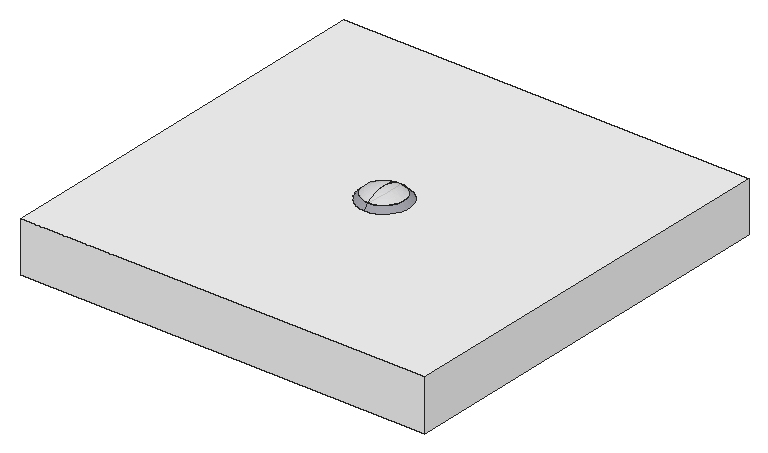
Revit family "Sarlam_Lighting_Bulkhead_Chartres_Infini_T1_Diam_300mm_2000Lm", category Luminaires, Revit 2020
Family settings
  Hôte = Face
  Cote de connecteur circulaire = Utiliser le diamètre
  Type d'élément = Normal
  Couper avec des vides une fois chargée = Non
  Source d'éclairage = Oui
  Partagée = Non
  Point de calcul de pièce = Non
Parameters (values of type "With microwave sensor GREY METAL")
  Zone plafond formes 1à7 [instance] = and(not(Outer diameter = 328 mm), or([Standard Formes 1-3-6]), not([Detection area - Wall]), [Detection area - Ceiling])  # no
  Zone murale formes 1à7 [instance] = and(not(Outer diameter = 328 mm), or([Standard Formes 1-3-6]), [Detection area - Wall], not([Detection area - Ceiling]))  # no
  With movement sensor = yes
  With light sensor = yes
  Width = 300 mm
  Voltage type = "AC"
  Type of dimming = "Other"
  Type of control gear = "LED operating device current-controlled"
  System power W = 28
  Suitable for wall mounting = yes
  Suitable for suspended mounting = no
  Suitable for surface mounting = yes
  Suitable for ceiling mounting = yes
  Suitable for built-in mounting = no
  Radiation angle = "Open beam"
  Protection Class = "II"
  Outer diameter = 300 mm
  Nominal voltage (Un) V MIN = 207
  Nominal voltage (Un) V MAX = 253
  Nominal current mA MIN = 110
  Nominal current mA MAX = 135
  Material housing = Plastique
  Light sharing = "Symmetric"
  Length = 300 mm
  Lamp type = "LED not exchangeable"
  Lamp power at multiwatt = "21/39W"
  Lamp power W = ""
  Lamp holder = "None"
  Impact strength (IK) = "IK10"
  Height/depth = 70 mm
  General Conditions of Use = "https://export.legrand.com/en/terms-of-use-BIM-objects"
  Effective luminous flux lm = 2000
  Detection area = "Detection at 2,5m high Ceiling: Ø6m max Wall: Ellipse 16*17m"
  URL = "http://www.legrandoc.com/SL532060"
  built-in parameter 1150107 = 3200 (stored number, unit not read)
  Standard Formes 1-3-6 = yes
  Wattage = 9.2903 W
  built-in parameter 1150110 = 1 (stored number, unit not read)
  built-in parameter 1150109 = 1 (stored number, unit not read)
  built-in parameter 1114218 = 1 (stored number, unit not read)
  built-in parameter 1150113 = 1 (stored number, unit not read)
  built-in parameter 1150112 = 1 (stored number, unit not read)
  built-in parameter 1150137 = (empty or 0)
  built-in parameter 1150132 = (empty or 0)
  Modèle = "SL-532060"
  built-in parameter 1150105 = 419.79 (stored number, unit not read)
  built-in parameter 1150102 = (empty or 0)
  Dimming Lamp Color Temperature Shift = (empty or 0)
  Lumens = 1380 lm
  Color Filter = 16777215
  Fichier de distribution photométrique = "SL532018.ies"
  built-in parameter 1114217 = 1 (stored number, unit not read)
  built-in parameter 1150139 = (empty or 0)
  Fabricant = "LEGRAND"
  Emettre à partir du diamètre du cercle = 200 mm
  Emit Shape Visible in Rendering = no
  built-in parameter 1150104 = 13.8 (stored number, unit not read)
  built-in parameter 1150106 = 4.1979 (stored number, unit not read)
  built-in parameter 1150115 = 1 (stored number, unit not read)
  built-in parameter 1150114 = 1 (stored number, unit not read)
  Description = "CHARTRES INFINI 2000LM 4000K  STANDARD HF DETECTION SLIVER"
  Degree of protection (IP) = "IP55"
  built-in parameter 1150138 = (empty or 0)
  built-in parameter 1150134 = 3
  Colour temperature K MIN = 4000
  Colour temperature K MAX = 4000
  Colour rendering index CRI = "80-89"
  Colour housing = LEGRAND - Grey
  Built-in width = 300 mm
  Built-in length = 0 mm
  Built-in height/depth = 0 mm
  Built-in diameter = 0 mm
  Tilt Angle = 0.00°
  Detection area - Ceiling [instance] = no
  Detection area - Wall [instance] = no
  Elévation par défaut = 2500 mm
  Tag [instance] = no
  built-in parameter 1150133 = 10 (stored number, unit not read)
Types (12, lengths in mm): name | With movement sensor | With light sensor | Type of dimming | System power W | Nominal current mA MIN | Nominal current mA MAX | Detection area | URL | Modèle | Description | Colour housing
  ON/OFF WHITE | no | no | "Not dimmable" | 27 | 106 | 131 | "" | "http://www.legrandoc.com/SL532018" | "SL-532018" | "CHARTRES INFINI 2000LM 4000K STANDARD ON/OFF WHITE" | LEGRAND - White
  ON/OFF ANTHRACITE | no | no | "Not dimmable" | 27 | 106 | 131 | "" | "http://www.legrandoc.com/SL532019" | "SL-532019" | "CHARTRES INFINI 2000LM 4000K STANDARD ON/OFF BLACK" | LEGRAND - Anthracite
  ON/OFF GREY METAL | no | no | "Not dimmable" | 27 | 106 | 131 | "" | "http://www.legrandoc.com/SL532020" | "SL-532020" | "CHARTRES INFINI 2000LM 4000K STANDARD ON/OFF SILVER" | LEGRAND - Grey
  With microwave sensor WHITE | yes | yes | "Other" | 28 | 110 | 135 | "Detection at 2,5m high Ceiling: Ø6m max Wall: Ellipse 16*17m" | "http://www.legrandoc.com/SL532058" | "SL-532058" | "CHARTRES INFINI 2000LM 4000K  STANDARD HF DETECTION WHITE" | LEGRAND - White
  With microwave sensor ANTHRACITE | yes | yes | "Other" | 28 | 110 | 135 | "Detection at 2,5m high Ceiling: Ø6m max Wall: Ellipse 16*17m" | "http://www.legrandoc.com/SL532059" | "SL-532059" | "CHARTRES INFINI 2000LM 4000K  STANDARD HF DETECTION BLACK" | LEGRAND - Anthracite
  With microwave sensor GREY METAL | yes | yes | "Other" | 28 | 110 | 135 | "Detection at 2,5m high Ceiling: Ø6m max Wall: Ellipse 16*17m" | "http://www.legrandoc.com/SL532060" | "SL-532060" | "CHARTRES INFINI 2000LM 4000K  STANDARD HF DETECTION SLIVER" | LEGRAND - Grey
  With microwave sensor + clock WHITE | yes | yes | "Other" | 28 | 110 | 135 | "Detection at 2,5m high Ceiling: Ø6m max Wall: Ellipse 16*17m" | "http://www.legrandoc.com/SL532076" | "SL-532076" | "CHARTRES INFINI 2000LM 4000K  STD HF DETECTION + CLOCK WHITE" | LEGRAND - White
  With microwave sensor + clock ANTHRACITE | yes | yes | "Other" | 28 | 110 | 135 | "Detection at 2,5m high Ceiling: Ø6m max Wall: Ellipse 16*17m" | "http://www.legrandoc.com/SL532077" | "SL-532077" | "CHARTRES INFINI 2000LM 4000K  STD HF DETECTION + CLOCK BLACK" | LEGRAND - Anthracite
  With microwave sensor + clock GREY METAL | yes | yes | "Other" | 28 | 110 | 135 | "Detection at 2,5m high Ceiling: Ø6m max Wall: Ellipse 16*17m" | "http://www.legrandoc.com/SL532078" | "SL-532078" | "CHARTRES INFINI 2000LM 4000K STD HF DETECTION + CLOCK SILVER" | LEGRAND - Grey
  Double level/Timer WHITE | no | no | "Other" | 28 | 110 | 135 | "" | "http://www.legrandoc.com/SL532093" | "SL-532093" | "CHARTRES INFINI 2000LM 4000K STANDARD BI-LEVEL/TIMER WHITE" | LEGRAND - White
  Double level/Timer ANTHRACITE | no | no | "Other" | 28 | 110 | 135 | "" | "http://www.legrandoc.com/SL532094" | "SL-532094" | "CHARTRES INFINI 2000LM 4000K  STANDARD BI-LEVEL/TIMER BLACK" | LEGRAND - Anthracite
  Double level/Timer GREY METAL | no | no | "Other" | 28 | 110 | 135 | "" | "http://www.legrandoc.com/SL532095" | "SL-532095" | "CHARTRES INFINI 2000LM 4000K  STANDARD BI-LEVEL/TIMER SILVER" | LEGRAND - Grey
Reference planes
  plane 1 "Centre (avant/arrière)": y = 0
  plane 2: z = 0
  plane 3 "Centre (gauche/droite)": x = 0
  plane 4: z = 90
Forms (mm)
  Extrusion 1, solid, material "Blanc"
    sketch origin (0, 0, 0) x (1, 0, 0) y (0, 1, 0)
      loop
        line (-1219.2, 1219.2) -> (-1219.2, -1219.2) -> (1219.2, -1219.2) -> (1219.2, 1219.2) -> (-1219.2, 1219.2)
    from 0 to -304.8
Lines and regions (mm)
  model lines, style "LightingFixtures", not visible
    curve 1: line (0, 0, 0) -> (0, 0, 2230)
    curve 2: line (0, 0, 0) -> (0, 3300, 0)
    curve 3: line (0, 0, 0) -> (-2620, 0, 0)
Dimensions and locks
  level to plane 4 = 90 mm
  aligned and locked: plane 2 to Extrusion 1
  aligned and locked: level to Extrusion 1
  aligned and locked: imposter light to plane 4
  aligned and locked: plane 3 "Centre (gauche/droite)" to imposter light
Nested families
  nested 1: "Zone de détection murale Chartres-Astreo" at (0, 0, 0) x (0, 0, 1) z (0, -1, 0), visible <- "Detection area - Wall", type "Zone de détection murale"
  nested 2: "Formes 1-2-3-4-6-7-8-9" at (0, 0, 0), type "Formes"
    with Standard Formes 1-3-6 yes, Fl 70 mm, Dimension hublot 121.1 mm, Diamètre total 300 mm, Courbure 195.7 mm
  nested 3: "Zone de détection plafond Chartres-Astreo" at (0, 0, 2500), visible <- "Detection area - Ceiling", type "Zone de détection plafond"
    with Zone plafond Formes 8à9 no
  nested 4: "Zone de détection murale Chartres-Astreo" at (0, 0, 0) x (0, 0, 1) z (1, 0, 0), visible <- "Detection area - Wall", type "Zone de détection murale"
  nested 5: "Etiquette de zone" at (-13.45, 203.791, 0) x (-1, 0, 0) z (0, 0, 1), visible <- "Tag", type "Etiquette de zone"
Connectors
  electrical at (0, 0, 0)
    settings: on nested 2, index 1, voltage 230 V, apparent load 0 VA, apparent load phase1 0 VA, apparent load phase2 0 VA, apparent load phase3 0 VA, power factor 1, load classification "Eclairage", number of poles 1, system type 30, power factor state 1, is connector primary yes, connector utility no, sub classification motor no, connector description ""
Definition of nested family "Formes 1-2-3-4-6-7-8-9"
  Parameters (values of type "Formes")
    Standard Forme 8 = no
    Standard Formes 1-3-6 = no
    Matériau hublot = none
    Matériau corps = none
    Fl = if(Diamètre total < 325 mm, 70 mm, if(Diamètre total = 328 mm, 107 mm, 90 mm))  # 107 mm
    Default Elevation = 0 mm
    Dimension hublot = if(Diamètre total = 300 mm, 121.1 mm, if(Diamètre total = 322 mm, 129.3 mm, if(Diamètre total = 328 mm, 148.6 mm, if(Diamètre total = 420 mm, 179.2 mm, 185.3 mm))))  # 148.6 mm
    Diamètre total = 328 mm
    Courbure = if(Diamètre total = 300 mm, 195.7 mm, if(Diamètre total = 322 mm, 220.2 mm, if(Diamètre total = 328 mm, 179.2 mm, if(Diamètre total = 420 mm, 290 mm, 307.8 mm))))  # 179.2 mm
    Couleur corps = none
    Antivandale Forme 9 = no
    Antivandale Formes 2-4-7 = no
  Reference planes
    plane 1 "Centre (avant/arrière)": y = 0
    plane 2: z = 0
    plane 3 "Centre (gauche/droite)": x = 0
    plane 4: y = 164
    plane 5: y = -164
    plane 6: y = 148.6
  Forms (mm)
    Revolve 1, solid, material <- "Matériau hublot"
      sketch origin (0, 0, 0) x (0, 0, -1) y (0, 1, 0)
        loop
          arc (-28, 148.6) -> (-86.03, 84.151) -> (-107, 0) r 179.2
          line (-107, 0) -> (-28, 0) -> (-28, 148.6)
        axis (-28, 0) -> (-107, 0)
      angle from 0 to 360
  Dimensions and locks
    equal spacing: plane 4, plane 1 "Centre (avant/arrière)", plane 5
    "Diamètre total": plane 4 to plane 5
    equal spacing: plane 5, plane 1 "Centre (avant/arrière)", plane 4
    "Dimension hublot": plane 1 "Centre (avant/arrière)" to plane 6
    "Fl": Revolve 1 sketch curve to plane 2
    "Courbure": radius of Revolve 1 sketch curve
    aligned and locked: level to plane 2
    aligned and locked: plane 6 to Revolve 1 sketch curve
    aligned and locked: plane 2 to nested 2
  Automatic sketch dimensions
    Revolve 1 sketch curve to plane 1 "Centre (avant/arrière)" = 0 mm  (x2)
    level to Revolve 1 sketch curve = 28 mm
    Revolve 1 sketch curve to Revolve 1 sketch curve = 1811.469 mm
    Revolve 1 sketch curve to Revolve 1 sketch curve = 1147.22 mm
  Nested families
    nested 1: "Corps standard Formes 1-3-6" at (0, 0, 0), visible <- "Standard Formes 1-3-6", type "Corps standard Formes 1-3-6"
      with Diamètre 328 mm
    nested 2: "Corps antivandale Formes 2-4-7" at (0, 0, 0), visible <- "Antivandale Formes 2-4-7", type "Corps antivandale Formes 2-4-7"
      with Diamètre 328 mm
    nested 3: "Corps standard Forme 8" at (0, 0, 0), visible <- "Standard Forme 8", type "Corps standard Forme 8"
    nested 4: "Corps antivandale Forme 9" at (0, 0, 0), visible <- "Antivandale Forme 9", type "Corps antivandale Forme 9"
  Definition of nested family "Corps standard Formes 1-3-6"
    Parameters (values of type "Corps standard")
      Matériau corps = none
      Default Elevation = 0 mm
      Couleur corps = none
      Diamètre = 322 mm
      Courbure = if(Diamètre < 400 mm, 195.7 mm, 290 mm)  # 195.7 mm
    Reference planes
      plane 1 "Centre (avant/arrière)": y = 0
      plane 2: z = 0
      plane 3 "Centre (gauche/droite)": x = 0
      plane 4: y = 161
      plane 5: y = -161
      plane 6: z = 28
    Forms (mm)
      Revolve 1, solid, material <- "Couleur corps"
        sketch origin (0, 0, 0) x (0, 0, -1) y (0, 1, 0)
          loop
            line (0, 0) -> (0, 161)
            arc (0, 161) -> (-14.55, 149.906) -> (-28, 137.502) r 195.7
            line (-28, 137.502) -> (-28, 0) -> (0, 0)
          axis (0, 0) -> (-28, 0)
        angle from 0 to 360
    Dimensions and locks
      equal spacing: plane 4, plane 1 "Centre (avant/arrière)", plane 5
      "Diamètre": plane 4 to plane 5
      equal spacing: plane 5, plane 1 "Centre (avant/arrière)", plane 4
      "Courbure": radius of Revolve 1 sketch curve
      aligned and locked: level to plane 2
      aligned and locked: plane 2 to Revolve 1  (x2)
      aligned and locked: Revolve 1 to plane 2
      aligned and locked: plane 6 to Revolve 1
    Automatic sketch dimensions
      Revolve 1 sketch curve to plane 1 "Centre (avant/arrière)" = 0 mm  (x3)
      Revolve 1 sketch curve to plane 6 = 0 mm
      Revolve 1 sketch curve to level = 0 mm
      Revolve 1 sketch curve to plane 4 = 0 mm
      plane 6 to Revolve 1 sketch curve = 1833.51 mm
      Revolve 1 sketch curve to Revolve 1 sketch curve = 1167.217 mm
  Definition of nested family "Corps antivandale Formes 2-4-7"
    Parameters (values of type "Corps antivandale")
      Rayon réseau vis = if(Diamètre < 400 mm, 137.2 mm, 193.2 mm)  # 137.2 mm
      Matériau corps = none
      Default Elevation = 0 mm
      Diamètre = 322 mm
      Courbure = if(Diamètre < 400 mm, 220.2 mm, 307.8 mm)  # 220.2 mm
      Couleur corps = none
    Reference planes
      plane 1 "Centre (avant/arrière)": y = 0
      plane 2: z = 0
      plane 3 "Centre (gauche/droite)": x = 0
      plane 4: y = 161
      plane 5: y = -161
      plane 6: z = 28
      plane 7: through (0, 0, 1200) normal (0.5, 0.866, 0)
      plane 8: through (0, 0, 1200) normal (0.5, -0.866, 0)
    Forms (mm)
      Revolve 1, solid, material <- "Couleur corps"
        sketch origin (0, 0, 0) x (0, 0, -1) y (0, 1, 0)
          loop
            line (0, 0) -> (0, 161)
            arc (0, 161) -> (-14.762, 145.835) -> (-28, 129.323) r 220.2
            line (-28, 129.323) -> (-28, 0) -> (0, 0)
          axis (0, 0) -> (-28, 0)
        angle from 0 to 360
      Extrusion 2, solid, material <- "Couleur corps"
        sketch origin (0, -0.04, 0) x (1, 0, 0) y (0, 1, 0)
          loop
            line (-4, 129.32) -> (-4, 137.3)
            arc (-4, 137.3) -> (0, 141.3) -> (4, 137.3) r 4
            line (4, 137.3) -> (4, 129.32)
            arc (4, 129.32) -> (5, 129.285) -> (6, 129.243) r 129.323
            line (6, 129.243) -> (6, 137.3)
            arc (6, 137.3) -> (0, 143.3) -> (-6, 137.3) r 6
            line (-6, 137.3) -> (-6, 129.243)
            arc (-6, 129.243) -> (-5, 129.285) -> (-4, 129.32) r 129.323
        from 15.189 to 28
      Extrusion 3, solid, material <- "Couleur corps"
        sketch origin (-0.035, 0.02, 0) x (-0.5, -0.866025, 0) y (0.866025, -0.5, 0)
          loop
            line (-4, 129.32) -> (-4, 137.3)
            arc (-4, 137.3) -> (0, 141.3) -> (4, 137.3) r 4
            line (4, 137.3) -> (4, 129.32)
            arc (4, 129.32) -> (5, 129.285) -> (6, 129.243) r 129.323
            line (6, 129.243) -> (6, 137.3)
            arc (6, 137.3) -> (0, 143.3) -> (-6, 137.3) r 6
            line (-6, 137.3) -> (-6, 129.243)
            arc (-6, 129.243) -> (-5, 129.285) -> (-4, 129.32) r 129.323
        from 15.189 to 28
      Extrusion 4, solid, material <- "Couleur corps"
        sketch origin (0.035, 0.02, 0) x (-0.5, 0.866025, 0) y (-0.866025, -0.5, 0)
          loop
            line (-4, 129.32) -> (-4, 137.3)
            arc (-4, 137.3) -> (0, 141.3) -> (4, 137.3) r 4
            line (4, 137.3) -> (4, 129.32)
            arc (4, 129.32) -> (5, 129.285) -> (6, 129.243) r 129.323
            line (6, 129.243) -> (6, 137.3)
            arc (6, 137.3) -> (0, 143.3) -> (-6, 137.3) r 6
            line (-6, 137.3) -> (-6, 129.243)
            arc (-6, 129.243) -> (-5, 129.285) -> (-4, 129.32) r 129.323
        from 15.189 to 28
      Revolve 5, solid
        sketch origin (0, 0.018, -12.656) x (0, 1, 0) y (0, 0, 1)
          loop
            line (136.525, 38.942) -> (136.525, 29.094) -> (136.962, 29.907) -> (137.751, 35.518) -> (140.148, 38.942) -> (136.525, 38.942)
          axis (136.525, 29.094) -> (136.525, 38.942)
        angle from 0 to 360
      Revolve 6, solid
        sketch origin (0.016, -0.009, -12.656) x (0.866025, -0.5, 0) y (0, 0, 1)
          loop
            line (136.525, 38.942) -> (136.525, 29.094) -> (136.962, 29.907) -> (137.751, 35.518) -> (140.148, 38.942) -> (136.525, 38.942)
          axis (136.525, 29.094) -> (136.525, 38.942)
        angle from 0 to 360
      Revolve 7, solid
        sketch origin (-0.016, -0.009, -12.656) x (-0.866025, -0.5, 0) y (0, 0, 1)
          loop
            line (136.525, 38.942) -> (136.525, 29.094) -> (136.962, 29.907) -> (137.751, 35.518) -> (140.148, 38.942) -> (136.525, 38.942)
          axis (136.525, 29.094) -> (136.525, 38.942)
        angle from 0 to 360
    Cuts and joins
      joined: Revolve 1, Extrusion 2
    Lines and regions (mm)
      model lines
        curve 1: line (-2.5, 136.543, 26.285) -> (2.5, 136.543, 26.285)
        curve 2: line (0, 138.995, 26.285) -> (0, 133.995, 26.285)
        curve 3: line (119.5, -66.107, 26.285) -> (117, -70.437, 26.285)
        curve 4: line (120.373, -69.497, 26.285) -> (116.043, -66.997, 26.285)
        curve 5: line (-117, -70.437, 26.285) -> (-119.5, -66.107, 26.285)
        curve 6: line (-120.373, -69.497, 26.285) -> (-116.043, -66.997, 26.285)
    Dimensions and locks
      equal spacing: plane 4, plane 1 "Centre (avant/arrière)", plane 5
      "Diamètre": plane 4 to plane 5
      equal spacing: plane 5, plane 1 "Centre (avant/arrière)", plane 4
      "Courbure": radius of Revolve 1 sketch curve
      "Rayon réseau vis": radius of radial array
      aligned and locked: level to plane 2
      aligned and locked: plane 2 to Revolve 1  (x2)
      aligned and locked: Revolve 1 to plane 2
      aligned and locked: plane 6 to Revolve 1
    Automatic sketch dimensions
      Extrusion 2 sketch curve to Extrusion 2 sketch curve = 0 mm  (x9)
      Extrusion 2 sketch curve to Extrusion 2 sketch curve = 7.98 mm
      Extrusion 2 sketch curve to Extrusion 2 sketch curve = 0.077 mm
      Extrusion 2 sketch curve to Extrusion 2 sketch curve = 2 mm
      Extrusion 2 sketch curve to Extrusion 2 sketch curve = 4 mm
      Extrusion 2 sketch curve to Extrusion 2 sketch curve = 6 mm
      Extrusion 3 sketch curve to Extrusion 3 sketch curve = 0 mm  (x9)
      Extrusion 3 sketch curve to Extrusion 3 sketch curve = 7.98 mm
      Extrusion 3 sketch curve to Extrusion 3 sketch curve = 0.077 mm
      Extrusion 3 sketch curve to Extrusion 3 sketch curve = 2 mm
      Extrusion 3 sketch curve to Extrusion 3 sketch curve = 4 mm
      Extrusion 3 sketch curve to Extrusion 3 sketch curve = 6 mm
      Extrusion 4 sketch curve to Extrusion 4 sketch curve = 0 mm  (x9)
      Extrusion 4 sketch curve to Extrusion 4 sketch curve = 7.98 mm
      Extrusion 4 sketch curve to Extrusion 4 sketch curve = 0.077 mm
      Extrusion 4 sketch curve to Extrusion 4 sketch curve = 2 mm
      Extrusion 4 sketch curve to Extrusion 4 sketch curve = 4 mm
      Extrusion 4 sketch curve to Extrusion 4 sketch curve = 6 mm
      Revolve 7 sketch curve to Revolve 7 sketch curve = 0.437 mm  (x2)
      Revolve 7 sketch curve to Revolve 7 sketch curve = 1.226 mm  (x2)
      Revolve 7 sketch curve to Revolve 7 sketch curve = 2.397 mm
      Revolve 7 sketch curve to Revolve 7 sketch curve = 0.813 mm  (x2)
      Revolve 7 sketch curve to Revolve 7 sketch curve = 5.611 mm  (x2)
      Revolve 7 sketch curve to Revolve 7 sketch curve = 3.424 mm  (x2)
      Revolve 7 sketch curve to Revolve 7 sketch curve = 0 mm  (x2)
      Revolve 7 sketch curve to Revolve 7 sketch curve = 0.975 mm
      Revolve 7 sketch curve to Revolve 7 sketch curve = 3.281 mm  (x2)
      Revolve 5 sketch curve to Revolve 5 sketch curve = 0.437 mm  (x2)
      Revolve 5 sketch curve to Revolve 5 sketch curve = 1.226 mm  (x2)
      Revolve 5 sketch curve to Revolve 5 sketch curve = 3.623 mm
      Revolve 5 sketch curve to Revolve 5 sketch curve = 5.611 mm  (x2)
      Revolve 5 sketch curve to Revolve 5 sketch curve = 3.424 mm  (x2)
      Revolve 5 sketch curve to Revolve 5 sketch curve = 0 mm  (x2)
      Revolve 5 sketch curve to Revolve 5 sketch curve = 0.813 mm  (x2)
      Revolve 5 sketch curve to Revolve 5 sketch curve = 0.162 mm
      Revolve 5 sketch curve to Revolve 5 sketch curve = 3.281 mm  (x2)
      Revolve 6 sketch curve to Revolve 6 sketch curve = 0.437 mm  (x2)
      Revolve 6 sketch curve to Revolve 6 sketch curve = 1.226 mm  (x2)
      Revolve 6 sketch curve to Revolve 6 sketch curve = 3.623 mm
      Revolve 6 sketch curve to Revolve 6 sketch curve = 5.611 mm  (x2)
      Revolve 6 sketch curve to Revolve 6 sketch curve = 3.424 mm  (x2)
      Revolve 6 sketch curve to Revolve 6 sketch curve = 0 mm  (x2)
      Revolve 6 sketch curve to Revolve 6 sketch curve = 0.813 mm  (x2)
      Revolve 6 sketch curve to Revolve 6 sketch curve = 0.162 mm
      Revolve 6 sketch curve to Revolve 6 sketch curve = 3.281 mm  (x2)
      Revolve 7 sketch curve to Revolve 7 sketch curve = 3.623 mm
      Revolve 7 sketch curve to Revolve 7 sketch curve = 0.162 mm
      curve 2 to Revolve 5 = 0 mm
      curve 2 to curve 1 = 2.548 mm
      curve 1 to curve 2 = 2.452 mm
      Revolve 5 to curve 1 = 2.5 mm
      curve 1 to Revolve 5 = 2.5 mm
      curve 4 to Revolve 6 = 0 mm
      curve 4 to curve 3 = 2.548 mm
      curve 3 to curve 4 = 2.452 mm
      Revolve 6 to curve 3 = 2.5 mm
      curve 3 to Revolve 6 = 2.5 mm
      curve 6 to Revolve 7 = 0 mm
      curve 6 to curve 5 = 2.548 mm
      curve 5 to curve 6 = 2.452 mm
      Revolve 7 to curve 5 = 2.5 mm
      curve 5 to Revolve 7 = 2.5 mm
      Revolve 5 sketch curve to Revolve 5 sketch curve = 2.397 mm
      Revolve 5 sketch curve to Revolve 5 sketch curve = 0.975 mm
      Revolve 6 sketch curve to Revolve 6 sketch curve = 2.397 mm
      Revolve 6 sketch curve to Revolve 6 sketch curve = 0.975 mm
      Revolve 1 sketch curve to plane 1 "Centre (avant/arrière)" = 0 mm  (x3)
      Revolve 1 sketch curve to plane 6 = 0 mm
      Revolve 1 sketch curve to level = 0 mm
      Revolve 1 sketch curve to plane 4 = 0 mm
      plane 6 to Revolve 1 sketch curve = 1833.51 mm
      Revolve 1 sketch curve to Revolve 1 sketch curve = 1128.321 mm
  Definition of nested family "Corps standard Forme 8"
    Parameters (values of type "Corps standard Forme 8")
      Matériau corps = none
      Default Elevation = 0 mm
      Couleur corps = none
      Diamètre = 328 mm
    Reference planes
      plane 1 "Centre (avant/arrière)": y = 0
      plane 2: z = 0
      plane 3 "Centre (gauche/droite)": x = 0
      plane 4: y = 164
      plane 5: y = -164
      plane 6: z = 28
      plane 7: y = 7.5
      plane 8: y = -7.5
    Forms (mm)
      Revolve 1, solid, material <- "Couleur corps"
        sketch origin (0, 0, 0) x (0, 0, -1) y (0, 1, 0)
          loop
            line (0, 0) -> (0, 164)
            arc (0, 164) -> (-14.345, 156.905) -> (-28, 148.559) r 179.182
            line (-28, 148.559) -> (-28, 0) -> (0, 0)
          axis (0, 0) -> (-28, 0)
        angle from 0 to 360
      Sweep 2, void
        path origin (0, 0, 0) x (1, 0, 0) y (0, 1, 0)
          loop
            arc (153.049, 7.5) -> (0, 153.232) -> (-153.049, 7.5) r 153.232
        profile origin (0, 153.232, 0) x (0, -1, 0) y (0, 0, 1)
          loop
            line (-5.469, 6.213) -> (-10.469, 16.465) -> (-10.469, 6.213) -> (-5.469, 6.213)
      Sweep 3, void
        path origin (0, 0, 0) x (1, 0, 0) y (0, 1, 0)
          loop
            arc (153.049, 7.5) -> (0, 153.232) -> (-153.049, 7.5) r 153.232
        profile origin (0, 153.232, 0) x (0, -1, 0) y (0, 0, 1)
          loop
            line (-1.643, 13.471) -> (-6.643, 23.723) -> (-6.643, 13.471) -> (-1.643, 13.471)
      Sweep 4, void
        path origin (0, 0, 0) x (1, 0, 0) y (0, -1, 0)
          loop
            arc (153.049, 7.5) -> (0, 153.232) -> (-153.049, 7.5) r 153.232
        profile origin (0, -153.232, 0) x (0, -1, 0) y (0, 0, 1)
          loop
            line (1.643, 13.471) -> (6.643, 13.471) -> (6.643, 23.723) -> (1.643, 13.471)
      Sweep 5, void
        path origin (0, 0, 0) x (1, 0, 0) y (0, -1, 0)
          loop
            arc (153.049, 7.5) -> (0, 153.232) -> (-153.049, 7.5) r 153.232
        profile origin (0, -153.232, 0) x (0, -1, 0) y (0, 0, 1)
          loop
            line (5.469, 6.213) -> (10.469, 6.213) -> (10.469, 16.465) -> (5.469, 6.213)
    Cuts and joins
      Sweep 2, Sweep 3, Sweep 4, Sweep 5 cuts Revolve 1
    Dimensions and locks
      equal spacing: plane 4, plane 1 "Centre (avant/arrière)", plane 5
      "Diamètre": plane 4 to plane 5
      equal spacing: plane 5, plane 1 "Centre (avant/arrière)", plane 4
      aligned and locked: level to plane 2
      aligned and locked: plane 2 to Revolve 1  (x2)
      aligned and locked: Revolve 1 to plane 2
      aligned and locked: plane 6 to Revolve 1
    Automatic sketch dimensions
      Sweep 2 sketch curve to plane 7 = 0 mm  (x2)
      plane 1 "Centre (avant/arrière)" to Sweep 2 sketch curve = 0 mm
      Sweep 2 sketch curve to plane 3 "Centre (gauche/droite)" = 0 mm
      Sweep 2 sketch curve to plane 3 "Centre (gauche/droite)" = 153.049 mm
      Sweep 3 sketch curve to plane 7 = 0 mm  (x2)
      plane 1 "Centre (avant/arrière)" to Sweep 3 sketch curve = 0 mm
      Sweep 3 sketch curve to plane 3 "Centre (gauche/droite)" = 0 mm
      Sweep 3 sketch curve to plane 3 "Centre (gauche/droite)" = 153.049 mm
      Sweep 4 sketch curve to plane 8 = 0 mm  (x2)
      plane 1 "Centre (avant/arrière)" to Sweep 4 sketch curve = 0 mm
      Sweep 4 sketch curve to plane 3 "Centre (gauche/droite)" = 0 mm
      plane 3 "Centre (gauche/droite)" to Sweep 4 sketch curve = 153.049 mm
      Sweep 5 sketch curve to plane 8 = 0 mm  (x2)
      plane 1 "Centre (avant/arrière)" to Sweep 5 sketch curve = 0 mm
      Sweep 5 sketch curve to plane 3 "Centre (gauche/droite)" = 0 mm
      plane 3 "Centre (gauche/droite)" to Sweep 5 sketch curve = 153.049 mm
      Revolve 1 sketch curve to plane 1 "Centre (avant/arrière)" = 0 mm  (x3)
      Revolve 1 sketch curve to plane 6 = 0 mm
      Revolve 1 sketch curve to level = 0 mm
      Revolve 1 sketch curve to plane 4 = 0 mm
      Revolve 1 sketch curve to Revolve 1 sketch curve = 72.182 mm
      plane 6 to Revolve 1 sketch curve = 1833.51 mm
      Revolve 1 sketch curve to Revolve 1 sketch curve = 1201.817 mm
      profile plane to Sweep 2 sketch curve = 10.469 mm
      Sweep 2 sketch curve to Sweep 2 sketch curve = 5 mm
      level to Sweep 2 sketch curve = 6.213 mm
      Sweep 2 sketch curve to Sweep 2 sketch curve = 10.252 mm
      profile plane to Sweep 3 sketch curve = 6.643 mm
      profile plane to Sweep 3 sketch curve = 1.643 mm
      level to Sweep 3 sketch curve = 13.471 mm
      Sweep 3 sketch curve to Sweep 3 sketch curve = 10.252 mm
      Sweep 4 sketch curve to profile plane = 1.643 mm
      Sweep 4 sketch curve to profile plane = 6.643 mm
      level to Sweep 4 sketch curve = 13.471 mm
      Sweep 4 sketch curve to Sweep 4 sketch curve = 10.252 mm
      Sweep 5 sketch curve to profile plane = 5.469 mm
      Sweep 5 sketch curve to profile plane = 10.469 mm
      level to Sweep 5 sketch curve = 6.213 mm
      Sweep 5 sketch curve to Sweep 5 sketch curve = 10.252 mm
  Definition of nested family "Corps antivandale Forme 9"
    Parameters (values of type "Corps antivandale Forme 9")
      Matériau corps = none
      Default Elevation = 0 mm
      Couleur corps = none
      Diamètre = 328 mm
    Reference planes
      plane 1 "Centre (avant/arrière)": y = 0
      plane 2: z = 0
      plane 3 "Centre (gauche/droite)": x = 0
      plane 4: y = 164
      plane 5: y = -164
      plane 6: z = 28
      plane 7: y = 7.5
      plane 8: y = -7.5
    Forms (mm)
      Revolve 1, solid, material <- "Couleur corps"
        sketch origin (0, 0, 0) x (0, 0, -1) y (0, 1, 0)
          loop
            line (0, 0) -> (0, 164)
            arc (0, 164) -> (-14.345, 156.905) -> (-28, 148.559) r 179.182
            line (-28, 148.559) -> (-28, 0) -> (0, 0)
          axis (0, 0) -> (-28, 0)
        angle from 0 to 360
      Extrusion 2, void
        sketch origin (-1.406, 0, 0) x (1, 0, 0) y (0, 1, 0)
          loop
            circle (157.486, 0) r 5
        from 5.665 to 28
      Sweep 3, void
        path origin (0, 0, 0) x (1, 0, 0) y (0, 1, 0)
          loop
            arc (153.049, 7.5) -> (0, 153.232) -> (-153.049, 7.5) r 153.232
        profile origin (0, 153.232, 0) x (0, -1, 0) y (0, 0, 1)
          loop
            line (-5.469, 6.213) -> (-10.469, 16.465) -> (-10.469, 6.213) -> (-5.469, 6.213)
      Extrusion 4, void
        sketch origin (1.406, 0, 0) x (-1, 0, 0) y (0, -1, 0)
          loop
            circle (157.486, 0) r 5
        from 5.665 to 28
      Sweep 5, void
        path origin (0, 0, 0) x (1, 0, 0) y (0, 1, 0)
          loop
            arc (153.049, 7.5) -> (0, 153.232) -> (-153.049, 7.5) r 153.232
        profile origin (0, 153.232, 0) x (0, -1, 0) y (0, 0, 1)
          loop
            line (-1.643, 13.471) -> (-6.643, 23.723) -> (-6.643, 13.471) -> (-1.643, 13.471)
      Sweep 6, void
        path origin (0, 0, 0) x (1, 0, 0) y (0, -1, 0)
          loop
            arc (153.049, 7.5) -> (0, 153.232) -> (-153.049, 7.5) r 153.232
        profile origin (0, -153.232, 0) x (0, -1, 0) y (0, 0, 1)
          loop
            line (1.643, 13.471) -> (6.643, 13.471) -> (6.643, 23.723) -> (1.643, 13.471)
      Sweep 7, void
        path origin (0, 0, 0) x (1, 0, 0) y (0, -1, 0)
          loop
            arc (153.049, 7.5) -> (0, 153.232) -> (-153.049, 7.5) r 153.232
        profile origin (0, -153.232, 0) x (0, -1, 0) y (0, 0, 1)
          loop
            line (5.469, 6.213) -> (10.469, 6.213) -> (10.469, 16.465) -> (5.469, 6.213)
      Revolve 8, solid
        sketch origin (-156.149, -136.533, -30.469) x (0, 1, 0) y (0, 0, 1)
          loop
            line (136.525, 38.942) -> (136.525, 31.651) -> (137.319, 32.445) -> (137.923, 36.741) -> (139.106, 38.942) -> (136.525, 38.942)
          axis (136.525, 31.651) -> (136.525, 38.942)
        angle from 0 to 360
      Revolve 9, solid
        sketch origin (156.149, -136.533, -30.469) x (0, 1, 0) y (0, 0, -1)
          loop
            line (136.525, -38.942) -> (139.106, -38.942) -> (137.923, -36.741) -> (137.319, -32.445) -> (136.525, -31.651) -> (136.525, -38.942)
          axis (136.525, -31.651) -> (136.525, -38.942)
        angle from 0 to 360
    Cuts and joins
      Extrusion 2, Sweep 3, Extrusion 4, Sweep 5, Sweep 6, Sweep 7 cuts Revolve 1
    Lines and regions (mm)
      model lines
        curve 1: line (-156.149, 1.39, 8.473) -> (-156.149, -1.406, 8.473)
        curve 2: line (-157.503, 0, 8.473) -> (-154.615, 0, 8.473)
        curve 3: line (156.149, 1.39, 8.473) -> (156.149, -1.406, 8.473)
        curve 4: line (157.503, 0, 8.473) -> (154.615, 0, 8.473)
    Dimensions and locks
      equal spacing: plane 4, plane 1 "Centre (avant/arrière)", plane 5
      "Diamètre": plane 4 to plane 5
      equal spacing: plane 5, plane 1 "Centre (avant/arrière)", plane 4
      aligned and locked: level to plane 2
      aligned and locked: plane 2 to Revolve 1  (x2)
      aligned and locked: Revolve 1 to plane 2
      aligned and locked: plane 6 to Revolve 1
    Automatic sketch dimensions
      plane 1 "Centre (avant/arrière)" to Extrusion 2 sketch curve = 0 mm
      plane 3 "Centre (gauche/droite)" to Extrusion 2 sketch curve = 156.08 mm
      Sweep 3 sketch curve to plane 7 = 0 mm  (x2)
      plane 1 "Centre (avant/arrière)" to Sweep 3 sketch curve = 0 mm
      Sweep 3 sketch curve to plane 3 "Centre (gauche/droite)" = 0 mm
      Sweep 3 sketch curve to plane 3 "Centre (gauche/droite)" = 153.049 mm
      plane 1 "Centre (avant/arrière)" to Extrusion 4 sketch curve = 0 mm
      plane 3 "Centre (gauche/droite)" to Extrusion 4 sketch curve = 156.08 mm
      Sweep 5 sketch curve to plane 7 = 0 mm  (x2)
      plane 1 "Centre (avant/arrière)" to Sweep 5 sketch curve = 0 mm
      Sweep 5 sketch curve to plane 3 "Centre (gauche/droite)" = 0 mm
      Sweep 5 sketch curve to plane 3 "Centre (gauche/droite)" = 153.049 mm
      Sweep 6 sketch curve to plane 8 = 0 mm  (x2)
      plane 1 "Centre (avant/arrière)" to Sweep 6 sketch curve = 0 mm
      Sweep 6 sketch curve to plane 3 "Centre (gauche/droite)" = 0 mm
      plane 3 "Centre (gauche/droite)" to Sweep 6 sketch curve = 153.049 mm
      Sweep 7 sketch curve to plane 8 = 0 mm  (x2)
      plane 1 "Centre (avant/arrière)" to Sweep 7 sketch curve = 0 mm
      Sweep 7 sketch curve to plane 3 "Centre (gauche/droite)" = 0 mm
      plane 3 "Centre (gauche/droite)" to Sweep 7 sketch curve = 153.049 mm
      Revolve 1 sketch curve to plane 1 "Centre (avant/arrière)" = 0 mm  (x3)
      Revolve 1 sketch curve to plane 6 = 0 mm
      Revolve 1 sketch curve to level = 0 mm
      Revolve 1 sketch curve to plane 4 = 0 mm
      Revolve 1 sketch curve to Revolve 1 sketch curve = 72.182 mm
      plane 6 to Revolve 1 sketch curve = 1833.51 mm
      Revolve 1 sketch curve to Revolve 1 sketch curve = 1201.817 mm
      profile plane to Sweep 3 sketch curve = 10.469 mm
      Sweep 3 sketch curve to Sweep 3 sketch curve = 5 mm
      level to Sweep 3 sketch curve = 6.213 mm
      Sweep 3 sketch curve to Sweep 3 sketch curve = 10.252 mm
      profile plane to Sweep 5 sketch curve = 6.643 mm
      profile plane to Sweep 5 sketch curve = 1.643 mm
      level to Sweep 5 sketch curve = 13.471 mm
      Sweep 5 sketch curve to Sweep 5 sketch curve = 10.252 mm
      Sweep 6 sketch curve to profile plane = 1.643 mm
      Sweep 6 sketch curve to profile plane = 6.643 mm
      level to Sweep 6 sketch curve = 13.471 mm
      Sweep 6 sketch curve to Sweep 6 sketch curve = 10.252 mm
      Sweep 7 sketch curve to profile plane = 5.469 mm
      Sweep 7 sketch curve to profile plane = 10.469 mm
      level to Sweep 7 sketch curve = 6.213 mm
      Sweep 7 sketch curve to Sweep 7 sketch curve = 10.252 mm
      plane 1 "Centre (avant/arrière)" to Revolve 8 sketch curve = 0.008 mm  (x2)
      Revolve 8 sketch curve to plane 1 "Centre (avant/arrière)" = 0.786 mm
      Revolve 8 sketch curve to plane 1 "Centre (avant/arrière)" = 1.39 mm
      Revolve 8 sketch curve to Revolve 8 sketch curve = 1.183 mm
      level to Revolve 8 sketch curve = 1.183 mm
      Revolve 8 sketch curve to Revolve 8 sketch curve = 0.794 mm
      Revolve 8 sketch curve to Revolve 8 sketch curve = 4.296 mm
      Revolve 8 sketch curve to Revolve 8 sketch curve = 2.201 mm
      Revolve 8 sketch curve to level = 0.4 mm
      Revolve 8 sketch curve to Revolve 8 sketch curve = 3.281 mm
      plane 1 "Centre (avant/arrière)" to Revolve 9 sketch curve = 0.008 mm  (x2)
      Revolve 9 sketch curve to plane 1 "Centre (avant/arrière)" = 0.786 mm
      Revolve 9 sketch curve to plane 1 "Centre (avant/arrière)" = 1.39 mm
      Revolve 9 sketch curve to Revolve 9 sketch curve = 1.183 mm
      level to Revolve 9 sketch curve = 8.473 mm
      Revolve 9 sketch curve to Revolve 9 sketch curve = 2.201 mm
      level to Revolve 9 sketch curve = 1.977 mm
      Revolve 9 sketch curve to Revolve 9 sketch curve = 0.794 mm
      Revolve 9 sketch curve to Revolve 9 sketch curve = 3.281 mm
      Revolve 9 sketch curve to level = 0.4 mm
      curve 1 to Revolve 8 = 0 mm
      curve 1 to curve 3 = 0 mm
      curve 1 to curve 2 = 1.406 mm
      curve 3 to curve 4 = 1.406 mm
      curve 4 to curve 3 = 1.39 mm
      curve 2 to curve 1 = 1.39 mm
      Revolve 8 to curve 2 = 1.534 mm
      curve 4 to curve 2 = 309.23 mm
      curve 3 to curve 4 = 1.534 mm
      curve 4 to curve 3 = 1.354 mm
      curve 2 to Revolve 8 = 1.354 mm
      radius of Extrusion 2 sketch curve = 5 mm
      radius of Extrusion 4 sketch curve = 5 mm
Definition of nested family "Zone de détection murale Chartres-Astreo"
  Parameters (values of type "Zone de détection murale")
    Zone murale Formes 8à9 = no
    Zone murale Formes 1à7 = no
  Reference planes
    plane 1 "Centre (avant/arrière)": y = 0
    plane 2: z = 0
    plane 3 "Centre (gauche/droite)": x = 0
    plane 4: x = 3500
    plane 5: y = 1000
    plane 6: x = 10000
    plane 7: y = 3500
    plane 8: x = 13000
    plane 9: y = 4000
    plane 10: x = 17000
    plane 11: y = 8000
    plane 12: x = 6000
    plane 13: x = 8000
  Lines and regions (mm)
    detail lines, in view "Niveau de réf.", visible <- "Zone murale Formes 1à7"
      curve 1: spline (0, 0, 0) -> (59.63, 258.819, 0) -> (234.456, 500, 0) -> (512.563, 707.107, 0) -> (875, 866.025, 0) -> (1297.067, 965.926, 0) -> (1750, 1000, 0) -> (2202.933, 965.926, 0) -> (2625, 866.025, 0) -> (2987.437, 707.107, 0) -> (3265.544, 500, 0) -> (3440.37, 258.819, 0) -> (3500, 0, 0) -> (3440.37, -258.819, 0) -> (3265.544, -500, 0) -> (2987.437, -707.107, 0) -> (2625, -866.025, 0) -> (2202.933, -965.926, 0) -> (1750, -1000, 0) -> (1297.067, -965.926, 0) -> (875, -866.025, 0) -> (512.563, -707.107, 0) -> (234.456, -500, 0) -> (59.63, -258.819, 0) -> (0, 0, 0)
      curve 2: spline (0, 0, 0) -> (170.371, 905.867, 0) -> (669.873, 1750, 0) -> (1464.466, 2474.874, 0) -> (2500, 3031.089, 0) -> (3705.905, 3380.74, 0) -> (5000, 3500, 0) -> (6294.095, 3380.74, 0) -> (7500, 3031.089, 0) -> (8535.534, 2474.874, 0) -> (9330.127, 1750, 0) -> (9829.629, 905.867, 0) -> (10000, 0, 0) -> (9829.629, -905.867, 0) -> (9330.127, -1750, 0) -> (8535.534, -2474.874, 0) -> (7500, -3031.089, 0) -> (6294.095, -3380.74, 0) -> (5000, -3500, 0) -> (3705.905, -3380.74, 0) -> (2500, -3031.089, 0) -> (1464.466, -2474.874, 0) -> (669.873, -1750, 0) -> (170.371, -905.867, 0) -> (0, 0, 0)
      curve 3: spline (0, 0, 0) -> (221.482, 1035.276, 0) -> (870.835, 2000, 0) -> (1903.806, 2828.427, 0) -> (3250, 3464.102, 0) -> (4817.676, 3863.703, 0) -> (6500, 4000, 0) -> (8182.324, 3863.703, 0) -> (9750, 3464.102, 0) -> (11096.194, 2828.427, 0) -> (12129.165, 2000, 0) -> (12778.518, 1035.276, 0) -> (13000, 0, 0) -> (12778.518, -1035.276, 0) -> (12129.165, -2000, 0) -> (11096.194, -2828.427, 0) -> (9750, -3464.102, 0) -> (8182.324, -3863.703, 0) -> (6500, -4000, 0) -> (4817.676, -3863.703, 0) -> (3250, -3464.102, 0) -> (1903.806, -2828.427, 0) -> (870.835, -2000, 0) -> (221.482, -1035.276, 0) -> (0, 0, 0)
      curve 4: spline (0, 0, 0) -> (289.63, 2070.552, 0) -> (1138.784, 4000, 0) -> (2489.592, 5656.854, 0) -> (4250, 6928.203, 0) -> (6300.038, 7727.407, 0) -> (8500, 8000, 0) -> (10699.962, 7727.407, 0) -> (12750, 6928.203, 0) -> (14510.408, 5656.854, 0) -> (15861.216, 4000, 0) -> (16710.37, 2070.552, 0) -> (17000, 0, 0) -> (16710.37, -2070.552, 0) -> (15861.216, -4000, 0) -> (14510.408, -5656.854, 0) -> (12750, -6928.203, 0) -> (10699.962, -7727.407, 0) -> (8500, -8000, 0) -> (6300.038, -7727.407, 0) -> (4250, -6928.203, 0) -> (2489.592, -5656.854, 0) -> (1138.784, -4000, 0) -> (289.63, -2070.552, 0) -> (0, 0, 0)
    detail lines, in view "Niveau de réf.", visible <- "Zone murale Formes 8à9"
      curve 5: spline (0, 0, 0) -> (102.223, 258.819, 0) -> (401.924, 500, 0) -> (878.68, 707.107, 0) -> (1500, 866.025, 0) -> (2223.543, 965.926, 0) -> (3000, 1000, 0) -> (3776.457, 965.926, 0) -> (4500, 866.025, 0) -> (5121.32, 707.107, 0) -> (5598.076, 500, 0) -> (5897.777, 258.819, 0) -> (6000, 0, 0) -> (5897.777, -258.819, 0) -> (5598.076, -500, 0) -> (5121.32, -707.107, 0) -> (4500, -866.025, 0) -> (3776.457, -965.926, 0) -> (3000, -1000, 0) -> (2223.543, -965.926, 0) -> (1500, -866.025, 0) -> (878.68, -707.107, 0) -> (401.924, -500, 0) -> (102.223, -258.819, 0) -> (0, 0, 0)
      curve 6: spline (0, 0, 0) -> (136.297, 647.048, 0) -> (535.898, 1250, 0) -> (1171.573, 1767.767, 0) -> (2000, 2165.064, 0) -> (2964.724, 2414.815, 0) -> (4000, 2500, 0) -> (5035.276, 2414.815, 0) -> (6000, 2165.064, 0) -> (6828.427, 1767.767, 0) -> (7464.102, 1250, 0) -> (7863.703, 647.048, 0) -> (8000, 0, 0) -> (7863.703, -647.048, 0) -> (7464.102, -1250, 0) -> (6828.427, -1767.767, 0) -> (6000, -2165.064, 0) -> (5035.276, -2414.815, 0) -> (4000, -2500, 0) -> (2964.724, -2414.815, 0) -> (2000, -2165.064, 0) -> (1171.573, -1767.767, 0) -> (535.898, -1250, 0) -> (136.297, -647.048, 0) -> (0, 0, 0)
      curve 7: spline (0, 0, 0) -> (170.371, 1035.276, 0) -> (669.873, 2000, 0) -> (1464.466, 2828.427, 0) -> (2500, 3464.102, 0) -> (3705.905, 3863.703, 0) -> (5000, 4000, 0) -> (6294.095, 3863.703, 0) -> (7500, 3464.102, 0) -> (8535.534, 2828.427, 0) -> (9330.127, 2000, 0) -> (9829.629, 1035.276, 0) -> (10000, 0, 0) -> (9829.629, -1035.276, 0) -> (9330.127, -2000, 0) -> (8535.534, -2828.427, 0) -> (7500, -3464.102, 0) -> (6294.095, -3863.703, 0) -> (5000, -4000, 0) -> (3705.905, -3863.703, 0) -> (2500, -3464.102, 0) -> (1464.466, -2828.427, 0) -> (669.873, -2000, 0) -> (170.371, -1035.276, 0) -> (0, 0, 0)
  Dimensions and locks
    plane 3 "Centre (gauche/droite)" to plane 4 = 3500 mm
    plane 1 "Centre (avant/arrière)" to plane 5 = 1000 mm
    plane 3 "Centre (gauche/droite)" to plane 6 = 10000 mm
    plane 7 to plane 1 "Centre (avant/arrière)" = 3500 mm
    plane 3 "Centre (gauche/droite)" to plane 8 = 13000 mm
    plane 1 "Centre (avant/arrière)" to plane 9 = 4000 mm
    plane 3 "Centre (gauche/droite)" to plane 10 = 17000 mm
    plane 1 "Centre (avant/arrière)" to plane 11 = 8000 mm
    plane 3 "Centre (gauche/droite)" to plane 12 = 6000 mm
    plane 3 "Centre (gauche/droite)" to plane 13 = 8000 mm
Definition of nested family "Zone de détection plafond Chartres-Astreo"
  Parameters (values of type "Zone de détection plafond")
    Zone plafond Formes 8à9 = yes
    Zone plafond Formes 1à7 = no
  Reference planes
    plane 1 "Centre (avant/arrière)": y = 0
    plane 2: z = 0
    plane 3 "Centre (gauche/droite)": x = 0
  Lines and regions (mm)
    detail lines, in view "Niveau de réf.", visible <- "Zone plafond Formes 1à7"
      curve 1: circle (0, 0, 0) r 500 normal (0, 0, 1)
      curve 2: circle (0, 0, 0) r 1000 normal (0, 0, 1)
      curve 3: circle (0, 0, 0) r 2000 normal (0, 0, 1)
      curve 4: circle (0, 0, 0) r 3000 normal (0, 0, 1)
    detail lines, in view "Niveau de réf.", visible <- "Zone plafond Formes 8à9"
      curve 5: circle (0, 0, 0) r 1500 normal (0, 0, 1)
      curve 6: circle (0, 0, 0) r 4000 normal (0, 0, 1)
      curve 7: circle (0, 0, 0) r 6000 normal (0, 0, 1)
Definition of nested family "Etiquette de zone"
  Parameters (values of type "Etiquette de zone")
    Etiquette de zone = ""
  Reference planes
    plane 1: y = 0
    plane 2: x = 0
  Text (mm)
    label "Etiquette de zone" at (0.013, -4.46, 0), shows "Etiquette de zone"
